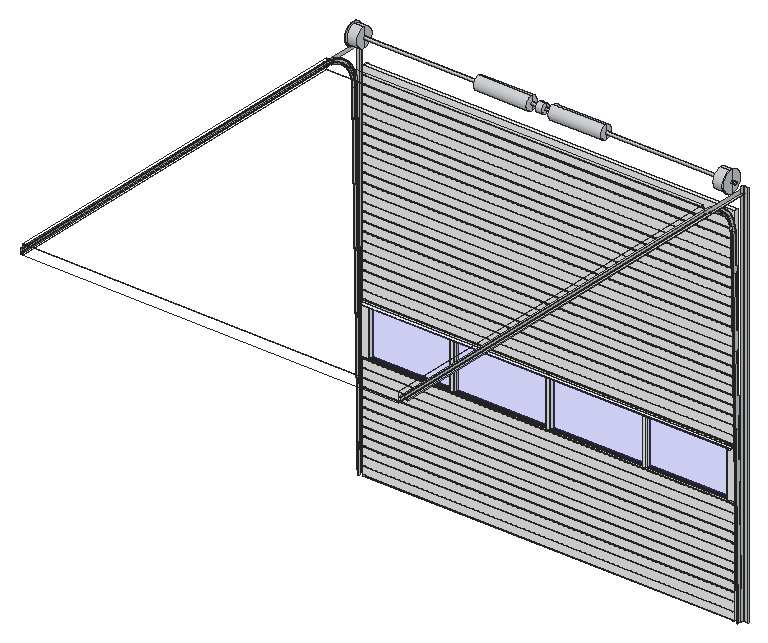
Revit family
Parameters (values of type "By Type")
  Windload = "Doors available rated for various design pressures; consult Clopay for avaialbility and specifications"
  VisSection6 = NumSections = 6  # no
  VisSection5 = NumSections > 4  # yes
  VisSection4 = NumSections > 3  # yes
  VisSection3 = NumSections > 2  # yes
  VisArray = NumSections > 6  # yes
  URL = "www.clopaydoor.com"
  Track Type = Track - Standard Lift : 15" Radius
  Track = "Galvanized steel (gauge varies according to door size)"
  Thickness = 0' - 2"  # constant formula
  Spec Wizard = "http://www.arcat.com/specwizard/08360clo/index.htm"
  Section Height = Height / NumSections  # 2' - 0"
  Section 5 Glazing = Section : Solid
  Section 4 Glazing = Section : Solid
  Section 3 Glazing = Full Vision Section : Intermediate
  Sales Information = "http://www.clopaydoor.com/where-to-buy.aspx?type=dealer"
  Rough Width = 0' - 0"  # constant formula
  Rough Height = 0' - 0"  # constant formula
  Roof Pitch = 0
  R-Value = "17.2"
  Product Features and Benefits = "http://www.clopaydoor.com/insulated-polyurethane-applications.aspx"
  Overlapping Jamb = yes
  Overlap = if(Overlapping Jamb, 0' 1", 0' 0")  # 0' - 1"
  Opening Width = 14' - 0"
  Opening Height = 14' - 0"
  Opener - Jackshaft Right Side = no
  Opener - Trolley = no
  Opener - Jackshaft Left Side = no
  Omniclass Table = "23-30 10 17 37 "
  NumSectionsNotRounded = Height / 2' 0"  # 7
  NumSections = NumSectionsNotRounded + 0.4999  # 7
  NumArraySections = if(NumSections > 6, NumSections - 5, 2)  # 2
  Model = "3722"
  Maximum Size = "Maximum 32' 2'' wide by 26' 0'' high. Additional limitations may apply do to door weight. Consult Clopay for specificiations and shop drawings."  # constant formula
  Manufacturer Website = "http://www.clopaydoor.com"
  Manufacturer Phone Number = "1-800-526-4301"
  Manufacturer Address = "1400 W. Market St., Troy, OH 45373"
  Manufacturer = "Clopay Building Products Company"
  LEED = "http://products.construction.com/swts_content_files/151607/303186.pdf"
  Keynote = "08 36 13"
  Interior Steel = "28 ga. galvanized, primed, and finish painted"
  High Lift = 4' - 0"
  Hardware = "14 ga. min. steel hinges; 10-ball steel rollers"
  GreenFormat = "http://www.greenformat.com/products/1536-Polyurethane%20Insulated%20Doors.rtf"
  Function = (empty or 0)
  Height = Opening Height + Rough Width * 0  # 14' - 0"
  Wall Closure = (empty or 0)
  Width = Opening Width + Rough Width * 0  # 14' - 0"
  FloorToSection7 = 6 * Section Height  # 12' - 0"
  FloorToSection6 = 5 * Section Height  # 10' - 0"
  FloorToSection5 = 4 * Section Height  # 8' - 0"
  FloorToSection4 = 3 * Section Height  # 6' - 0"
  FloorToSection3 = 2 * Section Height  # 4' - 0"
  FloorToSection2 = Section Height  # 2' - 0"
  File Revision = "02 (August, 2012)"
  Exterior Steel = "20 ga. galvanized, primed, and finish painted"
  Double Torsion Shaft = no
  Double End Stiles = Door Width > 14' 2"  # no
  Door Width = Opening Width + Overlap * 2  # 14' - 2"
  Door Height = Opening Height + Rough Width * 0  # 14' - 0"
  Description = "2'' thick polyurethane insulated, stucco embossed 20 gauge steel flush exterior."
  Core Material = "Expanded polyurethane"
  Copyright = "2010, Clopay Building Products Company, Inc."
  Color = White
  CAD and Specifications = "http://www.clopaydoor.com/insulated-polyurethane-specs.aspx"
  Assembly Code = "B2030410"
Reference planes (in)
  plane 1 "Center (Front/Back)": y = 0
  plane 2 "Center (Left/Right)": x = 0
  plane 3 "Left": x = -84
  plane 4 "Right": x = 84
  plane 5 "Top": z = 168
  plane 6 "Exterior": y = 3
  plane 7 "Interior": y = -3
  plane 8: z = 120
  plane 9: z = 144
Lines and regions (in)
  Opening 1
    outline origin (-90, -3, 0) x (1, 0, 0) y (0, 0, 1)
      loop
        line (6, 0) -> (174, 0) -> (174, 168) -> (6, 168) -> (6, 0)
Text (in)
  text "Exterior" at (-74.96733, 27.31104, 0), in view "Ref. Level"
  text "Interior" at (-74.96733, -25.14366, 0), in view "Ref. Level"
  text "Exterior" at (0, 40.15149, 123.01588), in view "Right"
  text "Interior" at (0, -64.39139, 123.01588), in view "Right"
  text "Interior" at (0, -31.01599, 123.00693), in view "Left"
  text "Exterior" at (0, 54.57065, 123.00693), in view "Left"
Dimensions and locks (in)
  equal spacing: plane 3 "Left", plane 2 "Center (Left/Right)", plane 4 "Right"
  "Height": level to plane 5 "Top"
  "Width": plane 3 "Left" to plane 4 "Right"
  host wall to plane 5 "Top" = 14' - 0"
  nested 1 to plane 7 "Interior" = 0' - 0 1/2"
  "FloorToSection6": plane 8 to level
  "FloorToSection7": plane 9 to level
  group 1 to group 2 = 0' - 0"  (x2)
  group 1 to group 2 = 2' - 0"
  host wall to host wall = 67' - 6"
  aligned and locked: plane 3 "Left" to Opening 1 sketch curve
  aligned and locked: plane 5 "Top" to Opening 1 sketch curve
  aligned and locked: Opening 1 sketch curve to plane 5 "Top"
  aligned and locked: Opening 1 sketch curve to plane 4 "Right"
  aligned and locked: Opening 1 sketch curve to level
  aligned and locked: plane 6 "Exterior" to host wall
  aligned and locked: host wall to plane 7 "Interior"
  aligned and locked: plane 2 "Center (Left/Right)" to nested 2
  aligned and locked: plane 2 "Center (Left/Right)" to nested 3
  aligned and locked: plane 2 "Center (Left/Right)" to nested 4
  aligned and locked: plane 2 "Center (Left/Right)" to nested 5
  aligned and locked: plane 2 "Center (Left/Right)" to nested 7
  aligned and locked: nested 7 to plane 8
  aligned and locked: nested 8 to plane 9
  aligned and locked: plane 7 "Interior" to nested 2
  aligned and locked: plane 7 "Interior" to nested 7
  aligned and locked: host wall to nested 8
  aligned and locked: plane 7 "Interior" to nested 3
  aligned and locked: host wall to nested 3
  aligned and locked: plane 7 "Interior" to nested 1
  aligned and locked: nested 2 to host wall
  aligned and locked: plane 7 "Interior" to nested 6
  aligned and locked: plane 7 "Interior" to nested 5
  aligned and locked: host wall to nested 7
  aligned and locked: plane 7 "Interior" to nested 4
  aligned and locked: nested 11 to plane 2 "Center (Left/Right)"
Nested families (in)
  nested 1: "Section" at (0, 0, 0), type "Solid"
  nested 2: "Section" at (0, 0, 24), built-in parameter 1001364 <- "Section Height", type "Solid"
  nested 3: "Full Vision Section" at (0, 0, 48), type <- "Section 3 Glazing", built-in parameter 1001364 <- "FloorToSection3", visible <- "VisSection3", type "Intermediate"
    with SingleStileVis no, Rail Width 14' - 1 13/16", NumIntStiles 3, Half Rail Width 7' - 0 29/32", Half Door Width 7' - 1", Glass Width 14' - 0 13/16", Edge to 1st Int Stile 3' - 5", Door Width 14' - 2", ArrayStileVis yes, ArrayIntStiles 3
  nested 4: "Section" at (0, 0, 120), built-in parameter 1001364 <- "FloorToSection6", visible <- "VisSection6", type "Solid"
  nested 5: "Section" at (0, 0, 96), built-in parameter 1001364 <- "FloorToSection5", type <- "Section 5 Glazing", visible <- "VisSection5", type "Solid"
  nested 6: "Section" at (0, 0, 72), type <- "Section 4 Glazing", built-in parameter 1001364 <- "FloorToSection4", visible <- "VisSection4", type "Solid"
  nested 7: "Section" at (0, 0, 120), visible <- "VisArray", type "Solid"
  nested 8: "Section" at (0, 0, 144), visible <- "VisArray", type "Solid"
  nested 9: "Section" at (0, 4.67704, 636.93806), type "Windows - 24x8", not visible
  nested 10: "Section" at (0, 4.63986, 609.3176), type "Windows - 24x12", not visible
  nested 11: "Track - Standard Lift" at (0, 0, 0) x (-1, 0, 0) z (0, 0, 1), type <- "Track Type", type "15" Radius"
    with WallToRadiusCenter 1' - 9.33333", VerticalAngleLength 14' - 10", Vertical Track Length 13' - 4", TrackToTrack 14' - 4", Roof Pitch Deg 0.00°, Roof Pitch 0, HorizontalAngleLength -16' - 2.33333", Horizontal Track Length 14' - 6", FloorToTrolleyRail 15' - 8", FloorToShaftCL 15' - 2", FloorToJackShaft 15' - 5", Double Torsion Shaft no, Door Width 14' - 2", Door Height 14' - 0", CenterToLHTrack 7' - 2", HorizontalTrackAngle 90.00°, CenterToRHTrack -7' - 2", CenterToJackShaft 7' - 6"
Definition of nested family "Section"
  Parameters (values of type "Windows - 24x12")
    X9 = if(if(NumArrayedWindows < NumWindows, NumArrayedWindows + 1, NumWindows) < 9, X1, X8 + WindowSpacing)  # 0' - 7 1/2"
    X8 = if(if(NumArrayedWindows < NumWindows, NumArrayedWindows + 1, NumWindows) < 8, X1, X7 + WindowSpacing)  # 0' - 7 1/2"
    X7 = if(if(NumArrayedWindows < NumWindows, NumArrayedWindows + 1, NumWindows) < 7, X1, X6 + WindowSpacing)  # 0' - 7 1/2"
    X6 = if(if(NumArrayedWindows < NumWindows, NumArrayedWindows + 1, NumWindows) < 6, X1, X5 + WindowSpacing)  # 0' - 7 1/2"
    X5 = if(if(NumArrayedWindows < NumWindows, NumArrayedWindows + 1, NumWindows) < 5, X1, X4 + WindowSpacing)  # 0' - 7 1/2"
    X4 = if(if(NumArrayedWindows < NumWindows, NumArrayedWindows + 1, NumWindows) < 4, X1, X3 + WindowSpacing)  # 11' - 7 1/2"
    X3 = if(NumWindows < 3, X1, X2 + WindowSpacing)  # 7' - 11 1/2"
    X2 = if(NumWindows < 2, ((Door Width - (NumWindows - 1) * WindowSpacing) / 2 - Cutout Width / 2), ((Door Width - (NumWindows - 1) * WindowSpacing) / 2 - Cutout Width / 2) + WindowSpacing)  # 4' - 3 1/2"
    Windows = 37xx Window Array : 24x12
    WindowVis = yes
    WindowSpacing = if(and(Door Width < 10' 0", Door Width > 9' 2"), 3' 4", 3' 8")  # 3' - 8"
    WindowCutDepth = 0' - 2"
    Section Height = 2' - 0"
    RibSpacing = Section Height / (NumRibs + 1)  # 0' - 4"
    NumWindows = if(Door Width < 9' 4", 2, if(Door Width < 13' 4", 3, if(Door Width < 16' 4", 4, if(Door Width < 20' 4", 5, if(Door Width < 24' 4", 6, if(Door Width < 26' 4", 7, if(Door Width < 31' 8", 8, 10)))))))  # 4
    NumRibs = if(Section Height < 1' 9", 3, if(Section Height < 2' 0", 4, 5))  # 5
    NumArrayedWindows = if(X2 = X1, NumWindows - 2, NumWindows)  # 4
    Half Section Height = Section Height / 2  # 1' - 0"
    Half Door Width Neg = -Half Door Width  # -7' - 1"
    Half Door Width = Door Width / 2  # 7' - 1"
    Half Cutout Height = Cutout Height / 2  # 0' - 5 1/2"
    Function = (empty or 0)
    Height = 0' - 0"
    Wall Closure = (empty or 0)
    Width = 0' - 0"
    X1 = if(or(Door Width > 31' 6", and(Door Width > 26' 2", Door Width < 28' 1"), Door Width = 24' 3", Door Width = 24' 4", and(Door Width > 20' 2", Door Width < 20' 11"), and(Door Width > 16' 2", Door Width < 17' 3")), X2, (Door Width - (NumWindows - 1) * WindowSpacing) / 2 - Cutout Width / 2)  # 0' - 7 1/2"
    Door Width = 14' - 2"
    CutoutToCutout = 1' - 0"
    Cutout Width = 1' - 11"
    Cutout Height = 0' - 11"
    Color = White
    BtmTo1stRib = RibSpacing  # 0' - 4"
    Assembly Code = ""
  Types (3): name | Windows | WindowVis | WindowCutDepth | Half Cutout Height | Cutout Height
    Windows - 24x12 | 37xx Window Array : 24x12 | yes | 0' - 2" | 0' - 5 1/2" | 0' - 11"
    Windows - 24x8 | 37xx Window Array : 24x8 | yes | 0' - 2" | 0' - 3 1/2" | 0' - 7"
    Solid | 37xx Window Array : 24x8 | no | -0' - 0 13/128" | 0' - 3 1/2" | 0' - 7"
  Reference planes (in)
    plane 1 "Center (Front/Back)": y = 0
    plane 2 "Center (Left/Right)": x = 0
    plane 3 "Exterior": y = 3
    plane 4 "Interior": y = -3
    plane 5: y = -3.5
    plane 6: x = 85
    plane 7: x = -85
    plane 8: z = 4
    plane 9: z = 8
    plane 10: z = 24
    plane 11: z = 12
    plane 12: z = 0
  Forms (in)
    Extrusion 1, solid, material "White" <- "Color"
      sketch origin (-85, -12, 83.08252) x (0, 0, 1) y (0, -1, 0)
        loop
          line (-59.08252, -8.37573) -> (-59.08252, -6.62444)
          arc (-59.08252, -6.62444) -> (-59.11897, -6.53645) -> (-59.20696, -6.5) r 0.12444
          line (-59.20696, -6.5) -> (-82.95809, -6.5)
          arc (-82.95809, -6.5) -> (-83.04608, -6.53645) -> (-83.08252, -6.62444) r 0.12444
          line (-83.08252, -6.62444) -> (-83.08252, -8.37573)
          arc (-83.08252, -8.37573) -> (-83.04612, -8.4636) -> (-82.95825, -8.5) r 0.12427
          line (-82.95825, -8.5) -> (-59.20679, -8.5)
          arc (-59.20679, -8.5) -> (-59.11892, -8.4636) -> (-59.08252, -8.37573) r 0.12427
      from 0 to 170 <- "Door Width"
    Extrusion 2, void
      sketch origin (0, -8.99984, -0.5) x (0, 1, 0) y (0, 0, -1)
        loop
          line (3.5, -4.62727) -> (3.53032, -4.58058)
          arc (3.53032, -4.58058) -> (3.53753, -4.56494) -> (3.54, -4.5479) r 0.06
          line (3.54, -4.5479) -> (3.54, -4.4521)
          arc (3.54, -4.4521) -> (3.53753, -4.43506) -> (3.53032, -4.41942) r 0.06
          line (3.53032, -4.41942) -> (3.5, -4.37273) -> (3.5, -4.62727)
      from -85 <- "Half Door Width Neg" to 170 <- "Door Width"
    Extrusion 3, void
      sketch origin (0, -8.99984, 3.5) x (0, 1, 0) y (0, 0, -1)
        loop
          line (3.5, -4.62727) -> (3.53032, -4.58058)
          arc (3.53032, -4.58058) -> (3.53753, -4.56494) -> (3.54, -4.5479) r 0.06
          line (3.54, -4.5479) -> (3.54, -4.4521)
          arc (3.54, -4.4521) -> (3.53753, -4.43506) -> (3.53032, -4.41942) r 0.06
          line (3.53032, -4.41942) -> (3.5, -4.37273) -> (3.5, -4.62727)
      from -85 <- "Half Door Width Neg" to 170 <- "Door Width"
    Extrusion 4, void
      sketch origin (0, -8.99984, 7.5) x (0, 1, 0) y (0, 0, -1)
        loop
          line (3.5, -4.62727) -> (3.53032, -4.58058)
          arc (3.53032, -4.58058) -> (3.53753, -4.56494) -> (3.54, -4.5479) r 0.06
          line (3.54, -4.5479) -> (3.54, -4.4521)
          arc (3.54, -4.4521) -> (3.53753, -4.43506) -> (3.53032, -4.41942) r 0.06
          line (3.53032, -4.41942) -> (3.5, -4.37273) -> (3.5, -4.62727)
      from -85 <- "Half Door Width Neg" to 170 <- "Door Width"
    Extrusion 5, void
      sketch origin (-98.15385, -3.5, 48) x (1, 0, 0) y (0, 0, 1)
        loop
          line (175.65385, -30.5) -> (152.65385, -30.5) -> (152.65385, -36) -> (175.65385, -36) -> (175.65385, -30.5)
      from 0 to 2 <- "WindowCutDepth"
    Extrusion 6, void
      sketch origin (-98.15385, -3.5, -24) x (1, 0, 0) y (0, 0, 1)
        loop
          line (175.65385, 30.5) -> (175.65385, 36) -> (152.65385, 36) -> (152.65385, 30.5) -> (175.65385, 30.5)
      from 0 to 2 <- "WindowCutDepth"
    Extrusion 7, void
      sketch origin (-136.15385, -3.5, 48) x (1, 0, 0) y (0, 0, 1)
        loop
          line (169.65385, -30.5) -> (146.65385, -30.5) -> (146.65385, -36) -> (169.65385, -36) -> (169.65385, -30.5)
      from 0 to 2 <- "WindowCutDepth"
    Extrusion 8, void
      sketch origin (-136.15385, -3.5, -24) x (1, 0, 0) y (0, 0, 1)
        loop
          line (169.65385, 30.5) -> (169.65385, 36) -> (146.65385, 36) -> (146.65385, 30.5) -> (169.65385, 30.5)
      from 0 to 2 <- "WindowCutDepth"
    Extrusion 9, void
      sketch origin (-171.15385, -3.5, 48) x (1, 0, 0) y (0, 0, 1)
        loop
          line (160.65385, -30.5) -> (137.65385, -30.5) -> (137.65385, -36) -> (160.65385, -36) -> (160.65385, -30.5)
      from 0 to 2 <- "WindowCutDepth"
    Extrusion 10, void
      sketch origin (-171.15385, -3.5, -24) x (1, 0, 0) y (0, 0, 1)
        loop
          line (160.65385, 30.5) -> (160.65385, 36) -> (137.65385, 36) -> (137.65385, 30.5) -> (160.65385, 30.5)
      from 0 to 2 <- "WindowCutDepth"
    Extrusion 11, void
      sketch origin (-214.15385, -3.5, 48) x (1, 0, 0) y (0, 0, 1)
        loop
          line (159.65385, -30.5) -> (136.65385, -30.5) -> (136.65385, -36) -> (159.65385, -36) -> (159.65385, -30.5)
      from 0 to 2 <- "WindowCutDepth"
    Extrusion 12, void
      sketch origin (-214.15385, -3.5, -24) x (1, 0, 0) y (0, 0, 1)
        loop
          line (159.65385, 30.5) -> (159.65385, 36) -> (136.65385, 36) -> (136.65385, 30.5) -> (159.65385, 30.5)
      from 0 to 2 <- "WindowCutDepth"
    Extrusion 13, void
      sketch origin (-256.15385, -3.5, 48) x (1, 0, 0) y (0, 0, 1)
        loop
          line (333.65385, -30.5) -> (310.65385, -30.5) -> (310.65385, -36) -> (333.65385, -36) -> (333.65385, -30.5)
      from 0 to 2 <- "WindowCutDepth"
    Extrusion 14, void
      sketch origin (-256.15385, -3.5, -24) x (1, 0, 0) y (0, 0, 1)
        loop
          line (333.65385, 30.5) -> (333.65385, 36) -> (310.65385, 36) -> (310.65385, 30.5) -> (333.65385, 30.5)
      from 0 to 2 <- "WindowCutDepth"
    Extrusion 15, void
      sketch origin (-294.15385, -3.5, 48) x (1, 0, 0) y (0, 0, 1)
        loop
          line (371.65385, -30.5) -> (348.65385, -30.5) -> (348.65385, -36) -> (371.65385, -36) -> (371.65385, -30.5)
      from 0 to 2 <- "WindowCutDepth"
    Extrusion 16, void
      sketch origin (-294.15385, -3.5, -24) x (1, 0, 0) y (0, 0, 1)
        loop
          line (371.65385, 30.5) -> (371.65385, 36) -> (348.65385, 36) -> (348.65385, 30.5) -> (371.65385, 30.5)
      from 0 to 2 <- "WindowCutDepth"
    Extrusion 17, void
      sketch origin (-331.15385, -3.5, 48) x (1, 0, 0) y (0, 0, 1)
        loop
          line (408.65385, -30.5) -> (385.65385, -30.5) -> (385.65385, -36) -> (408.65385, -36) -> (408.65385, -30.5)
      from 0 to 2 <- "WindowCutDepth"
    Extrusion 18, void
      sketch origin (-331.15385, -3.5, -24) x (1, 0, 0) y (0, 0, 1)
        loop
          line (408.65385, 30.5) -> (408.65385, 36) -> (385.65385, 36) -> (385.65385, 30.5) -> (408.65385, 30.5)
      from 0 to 2 <- "WindowCutDepth"
    Extrusion 19, void
      sketch origin (-368.15385, -3.5, 48) x (1, 0, 0) y (0, 0, 1)
        loop
          line (445.65385, -30.5) -> (422.65385, -30.5) -> (422.65385, -36) -> (445.65385, -36) -> (445.65385, -30.5)
      from 0 to 2 <- "WindowCutDepth"
    Extrusion 20, void
      sketch origin (-368.15385, -3.5, -24) x (1, 0, 0) y (0, 0, 1)
        loop
          line (445.65385, 30.5) -> (445.65385, 36) -> (422.65385, 36) -> (422.65385, 30.5) -> (445.65385, 30.5)
      from 0 to 2 <- "WindowCutDepth"
    Extrusion 21, void
      sketch origin (-407.15385, -3.5, 48) x (1, 0, 0) y (0, 0, 1)
        loop
          line (484.65385, -30.5) -> (461.65385, -30.5) -> (461.65385, -36) -> (484.65385, -36) -> (484.65385, -30.5)
      from 0 to 2 <- "WindowCutDepth"
    Extrusion 22, void
      sketch origin (-407.15385, -3.5, -24) x (1, 0, 0) y (0, 0, 1)
        loop
          line (484.65385, 30.5) -> (484.65385, 36) -> (461.65385, 36) -> (461.65385, 30.5) -> (484.65385, 30.5)
      from 0 to 2 <- "WindowCutDepth"
    Extrusion 23, void
      sketch origin (0, -8.99984, 11.5) x (0, 1, 0) y (0, 0, -1)
        loop
          line (3.5, -4.62727) -> (3.53032, -4.58058)
          arc (3.53032, -4.58058) -> (3.53753, -4.56494) -> (3.54, -4.5479) r 0.06
          line (3.54, -4.5479) -> (3.54, -4.4521)
          arc (3.54, -4.4521) -> (3.53753, -4.43506) -> (3.53032, -4.41942) r 0.06
          line (3.53032, -4.41942) -> (3.5, -4.37273) -> (3.5, -4.62727)
      from -85 <- "Half Door Width Neg" to 170 <- "Door Width"
    Extrusion 24, void
      sketch origin (0, -8.99984, 15.5) x (0, 1, 0) y (0, 0, -1)
        loop
          line (3.5, -4.62727) -> (3.53032, -4.58058)
          arc (3.53032, -4.58058) -> (3.53753, -4.56494) -> (3.54, -4.5479) r 0.06
          line (3.54, -4.5479) -> (3.54, -4.4521)
          arc (3.54, -4.4521) -> (3.53753, -4.43506) -> (3.53032, -4.41942) r 0.06
          line (3.53032, -4.41942) -> (3.5, -4.37273) -> (3.5, -4.62727)
      from -85 <- "Half Door Width Neg" to 170 <- "Door Width"
  Cuts and joins
    Extrusion 2, Extrusion 3, Extrusion 4, Extrusion 5, Extrusion 6, Extrusion 7, Extrusion 8, Extrusion 9, Extrusion 10, Extrusion 11, Extrusion 12, Extrusion 13, Extrusion 14, Extrusion 15, Extrusion 16, Extrusion 17, Extrusion 18, Extrusion 19, Extrusion 20, Extrusion 21, Extrusion 22, Extrusion 23, Extrusion 24 cuts Extrusion 1
  Lines and regions (in)
    reference lines
      curve 1: line (-72, -3.54, 4) -> (-72, -3.5, 4)
      curve 2: line (-72, -5.45984, 4) -> (-72, -5.49984, 4)
      curve 3: line (-72, -3.54, 8) -> (-72, -3.5, 8)
      curve 4: line (-72, -3.54, 12) -> (-72, -3.5, 12)
      curve 5: line (-72, -5.45984, 4) -> (-72, -5.49984, 4)
      curve 6: line (-72, -5.45984, 8) -> (-72, -5.49984, 8)
      curve 7: line (-72, -5.45984, 12) -> (-72, -5.49984, 12)
      curve 8: line (-72, -3.54, 16) -> (-72, -3.5, 16)
      curve 9: line (-72, -5.45984, 16) -> (-72, -5.49984, 16)
      curve 10: line (-72, -3.54, 20) -> (-72, -3.5, 20)
      curve 11: line (-72, -5.45984, 20) -> (-72, -5.49984, 20)
  Text (in)
    text "Exterior" at (-74.96733, 27.31104, 0), in view "Ref. Level"
    text "Interior" at (-74.96733, -25.14366, 0), in view "Ref. Level"
    text "Exterior" at (0, 40.15149, 123.01588), in view "Right"
    text "Interior" at (0, -64.39139, 123.01588), in view "Right"
    text "Interior" at (0, -31.01599, 123.00693), in view "Left"
    text "Exterior" at (0, 54.57065, 123.00693), in view "Left"
  Dimensions and locks (in)
    plane 4 "Interior" to plane 5 = 0' - 0 1/2"
    "Half Door Width": plane 2 "Center (Left/Right)" to plane 7
    "Half Door Width": plane 6 to plane 2 "Center (Left/Right)"
    Extrusion 1 sketch curve to Extrusion 1 sketch curve = 0' - 2"
    "BtmTo1stRib": plane 8 to level
    "RibSpacing": plane 9 to plane 8
    "Section Height": plane 10 to level
    equal spacing: group 1, group 2, group 3, group 4, group 5  (x3)
    Extrusion 2 sketch curve to Extrusion 2 sketch curve = 0' - 0.25454"
    Extrusion 2 sketch curve to Extrusion 2 sketch curve = 0' - 0.04"  (x2)
    Extrusion 2 sketch curve to curve 5 = 0' - 0.12727"
    Extrusion 3 sketch curve to Extrusion 3 sketch curve = 0' - 0.25454"
    Extrusion 3 sketch curve to Extrusion 3 sketch curve = 0' - 0.04"  (x2)
    Extrusion 3 sketch curve to curve 6 = 0' - 0.12727"
    Extrusion 4 sketch curve to Extrusion 4 sketch curve = 0' - 0.25454"
    Extrusion 4 sketch curve to Extrusion 4 sketch curve = 0' - 0.04"  (x2)
    Extrusion 4 sketch curve to curve 7 = 0' - 0.12727"
    "Half Section Height": level to plane 11
    "Cutout Width": Extrusion 5 sketch curve to Extrusion 5 sketch curve
    "Half Cutout Height": Extrusion 5 sketch curve to Extrusion 5 sketch curve
    "Cutout Width": Extrusion 6 sketch curve to Extrusion 6 sketch curve
    "Half Cutout Height": Extrusion 6 sketch curve to Extrusion 6 sketch curve
    "X1": cut or joined group 1 (Extrusion 1, Extrusion 2, Extrusion 3, Extrusion 4, Extrusion 5, Extrusion 6, Extrusion 7, Extrusion 8, Extrusion 9, Extrusion 10, Extrusion 11, Extrusion 12, Extrusion 13, Extrusion 14, Extrusion 15, Extrusion 16, Extrusion 17, Extrusion 18, Extrusion 19, Extrusion 20, Extrusion 21, Extrusion 22, Extrusion 23, Extrusion 24) to cut or joined group 1
    "Cutout Width": Extrusion 7 sketch curve to Extrusion 7 sketch curve
    "Half Cutout Height": Extrusion 7 sketch curve to Extrusion 7 sketch curve
    "Cutout Width": Extrusion 8 sketch curve to Extrusion 8 sketch curve
    "Half Cutout Height": Extrusion 8 sketch curve to Extrusion 8 sketch curve
    "Cutout Width": Extrusion 9 sketch curve to Extrusion 9 sketch curve
    "Half Cutout Height": Extrusion 9 sketch curve to Extrusion 9 sketch curve
    "Cutout Width": Extrusion 10 sketch curve to Extrusion 10 sketch curve
    "Half Cutout Height": Extrusion 10 sketch curve to Extrusion 10 sketch curve
    "X2": plane 6 to cut or joined group 1
    "X3": plane 6 to cut or joined group 1
    "Cutout Width": Extrusion 11 sketch curve to Extrusion 11 sketch curve
    "Half Cutout Height": Extrusion 11 sketch curve to Extrusion 11 sketch curve
    "Cutout Width": Extrusion 12 sketch curve to Extrusion 12 sketch curve
    "Half Cutout Height": Extrusion 12 sketch curve to Extrusion 12 sketch curve
    "Cutout Width": Extrusion 13 sketch curve to Extrusion 13 sketch curve
    "Half Cutout Height": Extrusion 13 sketch curve to Extrusion 13 sketch curve
    "Cutout Width": Extrusion 14 sketch curve to Extrusion 14 sketch curve
    "Half Cutout Height": Extrusion 14 sketch curve to Extrusion 14 sketch curve
    "Cutout Width": Extrusion 15 sketch curve to Extrusion 15 sketch curve
    "Half Cutout Height": Extrusion 15 sketch curve to Extrusion 15 sketch curve
    "Cutout Width": Extrusion 16 sketch curve to Extrusion 16 sketch curve
    "Half Cutout Height": Extrusion 16 sketch curve to Extrusion 16 sketch curve
    "Cutout Width": Extrusion 17 sketch curve to Extrusion 17 sketch curve
    "Half Cutout Height": Extrusion 17 sketch curve to Extrusion 17 sketch curve
    "Cutout Width": Extrusion 18 sketch curve to Extrusion 18 sketch curve
    "Half Cutout Height": Extrusion 18 sketch curve to Extrusion 18 sketch curve
    "Cutout Width": Extrusion 19 sketch curve to Extrusion 19 sketch curve
    "Half Cutout Height": Extrusion 19 sketch curve to Extrusion 19 sketch curve
    "Cutout Width": Extrusion 20 sketch curve to Extrusion 20 sketch curve
    "Half Cutout Height": Extrusion 20 sketch curve to Extrusion 20 sketch curve
    "Cutout Width": Extrusion 21 sketch curve to Extrusion 21 sketch curve
    "Half Cutout Height": Extrusion 21 sketch curve to Extrusion 21 sketch curve
    "Cutout Width": Extrusion 22 sketch curve to Extrusion 22 sketch curve
    "Half Cutout Height": Extrusion 22 sketch curve to Extrusion 22 sketch curve
    "X4": plane 6 to cut or joined group 1
    "X5": plane 6 to cut or joined group 1
    "X6": plane 6 to cut or joined group 1
    "X7": plane 6 to cut or joined group 1
    "X8": plane 6 to cut or joined group 1
    "X9": plane 6 to cut or joined group 1
    locked: nested 1 to cut or joined group 1 at 1  (x2)
    locked: nested 1 to cut or joined group 1 at 0.125
    Extrusion 23 sketch curve to Extrusion 23 sketch curve = 0' - 0.25454"
    Extrusion 23 sketch curve to Extrusion 23 sketch curve = 0' - 0.04"  (x2)
    Extrusion 23 sketch curve to curve 9 = 0' - 0.12727"
    Extrusion 24 sketch curve to Extrusion 24 sketch curve = 0' - 0.25454"
    Extrusion 24 sketch curve to Extrusion 24 sketch curve = 0' - 0.04"  (x2)
    Extrusion 24 sketch curve to curve 11 = 0' - 0.12727"
    locked: plane 4 "Interior" to cut or joined group 1 at 0.5
    radius of Extrusion 1 sketch curve = 0' - 0.12427"  (x2)
    radius of Extrusion 1 sketch curve = 0' - 0.12444"  (x2)
    angle Extrusion 2 sketch curve to Extrusion 2 sketch curve = 147.00°  (x2)
    angle Extrusion 3 sketch curve to Extrusion 3 sketch curve = 147.00°  (x2)
    angle Extrusion 4 sketch curve to Extrusion 4 sketch curve = 147.00°  (x2)
    angle Extrusion 23 sketch curve to Extrusion 23 sketch curve = 147.00°  (x2)
    angle Extrusion 24 sketch curve to Extrusion 24 sketch curve = 147.00°  (x2)
    aligned and locked: Extrusion 1 sketch curve to plane 5
    aligned and locked: plane 8 to curve 1
    aligned and locked: plane 9 to curve 3
    aligned and locked: Extrusion 5 sketch curve to plane 11
    aligned and locked: plane 11 to Extrusion 6 sketch curve
    aligned and locked: cut or joined group 1 to cut or joined group 1  (x9)
    aligned and locked: plane 12 to level
  Automatic sketch dimensions
    curve 2 to curve 1 = 0' - 1.91984"
    curve 1 to curve 1 = 0' - 0.04"  (x2)
    curve 1 to curve 2 = 0' - 1.91984"
    curve 2 to curve 2 = 0' - 0.04"  (x2)
    curve 5 to curve 1 = 0' - 0"
    curve 1 to curve 5 = 0' - 1.91984"
    curve 5 to curve 5 = 0' - 0.04"
    Extrusion 2 sketch curve to Extrusion 2 sketch curve = 0' - 0"
    Extrusion 2 sketch curve to Extrusion 2 sketch curve = 0' - 0.02"
    Extrusion 2 sketch curve to Extrusion 2 sketch curve = 0' - 0.00968"  (x2)
    curve 6 to curve 3 = 0' - 0"
    curve 3 to curve 3 = 0' - 0.04"
    curve 3 to curve 6 = 0' - 1.91984"
    curve 6 to curve 6 = 0' - 0.04"
    curve 7 to curve 4 = 0' - 0"
    curve 4 to curve 4 = 0' - 0.04"
    curve 4 to curve 7 = 0' - 1.91984"
    curve 7 to curve 7 = 0' - 0.04"
    Extrusion 4 sketch curve to Extrusion 4 sketch curve = 0' - 0.00968"
    Extrusion 3 sketch curve to Extrusion 3 sketch curve = 0' - 0.00968"
    curve 2 to plane 8 = 0' - 0"
    curve 2 to plane 5 = 0' - 1.95984"
    Extrusion 5 sketch curve to plane 6 = 2' - 6 1/2"
    Extrusion 6 sketch curve to plane 6 = 2' - 6 1/2"
    Extrusion 7 sketch curve to plane 11 = 0' - 0"
    Extrusion 7 sketch curve to plane 6 = 6' - 2 1/2"
    Extrusion 8 sketch curve to plane 11 = 0' - 0"
    Extrusion 8 sketch curve to plane 6 = 6' - 2 1/2"
    Extrusion 9 sketch curve to plane 11 = 0' - 0"
    Extrusion 9 sketch curve to plane 6 = 9' - 10 1/2"
    Extrusion 10 sketch curve to plane 11 = 0' - 0"
    Extrusion 10 sketch curve to plane 6 = 9' - 10 1/2"
    Extrusion 11 sketch curve to plane 11 = 0' - 0"
    Extrusion 11 sketch curve to plane 2 "Center (Left/Right)" = 6' - 5 1/2"
    Extrusion 12 sketch curve to plane 11 = 0' - 0"
    Extrusion 12 sketch curve to plane 2 "Center (Left/Right)" = 6' - 5 1/2"
    Extrusion 13 sketch curve to plane 11 = 0' - 0"
    plane 2 "Center (Left/Right)" to Extrusion 13 sketch curve = 4' - 6 1/2"
    Extrusion 14 sketch curve to plane 11 = 0' - 0"
    plane 2 "Center (Left/Right)" to Extrusion 14 sketch curve = 4' - 6 1/2"
    Extrusion 15 sketch curve to plane 11 = 0' - 0"
    plane 2 "Center (Left/Right)" to Extrusion 15 sketch curve = 4' - 6 1/2"
    Extrusion 16 sketch curve to plane 11 = 0' - 0"
    plane 2 "Center (Left/Right)" to Extrusion 16 sketch curve = 4' - 6 1/2"
    Extrusion 17 sketch curve to plane 11 = 0' - 0"
    plane 2 "Center (Left/Right)" to Extrusion 17 sketch curve = 4' - 6 1/2"
    Extrusion 18 sketch curve to plane 11 = 0' - 0"
    plane 2 "Center (Left/Right)" to Extrusion 18 sketch curve = 4' - 6 1/2"
    Extrusion 19 sketch curve to plane 11 = 0' - 0"
    plane 7 to Extrusion 19 sketch curve = 11' - 7 1/2"
    Extrusion 20 sketch curve to plane 11 = 0' - 0"
    plane 7 to Extrusion 20 sketch curve = 11' - 7 1/2"
    Extrusion 21 sketch curve to plane 11 = 0' - 0"
    plane 7 to Extrusion 21 sketch curve = 11' - 7 1/2"
    Extrusion 22 sketch curve to plane 11 = 0' - 0"
    plane 7 to Extrusion 22 sketch curve = 11' - 7 1/2"
    Extrusion 1 sketch curve to plane 10 = 0' - 0"
    Extrusion 1 sketch curve to level = 0' - 0"
    curve 9 to curve 8 = 0' - 0"
    curve 8 to curve 8 = 0' - 0.04"
    curve 8 to curve 9 = 0' - 1.91984"
    curve 9 to curve 9 = 0' - 0.04"
    Extrusion 23 sketch curve to Extrusion 23 sketch curve = 0' - 0"
    Extrusion 23 sketch curve to Extrusion 23 sketch curve = 0' - 0.02"
    Extrusion 23 sketch curve to Extrusion 23 sketch curve = 0' - 0.00968"  (x2)
    curve 11 to curve 10 = 0' - 0"
    curve 10 to curve 10 = 0' - 0.04"
    curve 10 to curve 11 = 0' - 1.91984"
    curve 11 to curve 11 = 0' - 0.04"
    Extrusion 24 sketch curve to Extrusion 24 sketch curve = 0' - 0"
    Extrusion 24 sketch curve to Extrusion 24 sketch curve = 0' - 0.02"
    Extrusion 24 sketch curve to Extrusion 24 sketch curve = 0' - 0.00968"  (x2)
  Nested families (in)
    nested 1: "37xx Window Array" at (66, -3.375, 7.5) x (-1, 0, 0) z (0, 0, 1), type <- "Windows", visible <- "WindowVis", type "24x12"
      with NumWindows 4
  Definition of nested family "37xx Window Array"
    Parameters (values of type "24x8")
      Window Spacing = 3' - 8"
      NumWindows = 3
      Frame Width = 2' - 1"
      Frame Height = 0' - 9"
      Color = White
      Assembly Code = ""
    Types (2): name | Frame Height | Color
      24x8 | 0' - 9" | White
      24x12 | 1' - 1" | none
    Reference planes (in)
      plane 1 "Center (Front/Back)": y = 0
      plane 2: z = 0
      plane 3 "Center (Left/Right)": x = 0
      plane 4: y = -1
    Forms (in)
      Extrusion 1, solid, material "White" <- "Color"
        sketch origin (-1.38592, 0, 0) x (1, 0, 0) y (0, 0, 1)
          loop
            line (-8.86408, 1.625) -> (11.63592, 1.625)
            arc (11.63592, 1.625) -> (12.07786, 1.80806) -> (12.26092, 2.25) r 0.625
            line (12.26092, 2.25) -> (12.26092, 6.75)
            arc (12.26092, 6.75) -> (12.07786, 7.19194) -> (11.63592, 7.375) r 0.625
            line (11.63592, 7.375) -> (-8.86408, 7.375)
            arc (-8.86408, 7.375) -> (-9.30602, 7.19194) -> (-9.48908, 6.75) r 0.625
            line (-9.48908, 6.75) -> (-9.48908, 2.25)
            arc (-9.48908, 2.25) -> (-9.30602, 1.80806) -> (-8.86408, 1.625) r 0.625
          loop
            line (-10.48908, 0) -> (13.26092, 0)
            arc (13.26092, 0) -> (13.70286, 0.18306) -> (13.88592, 0.625) r 0.625
            line (13.88592, 0.625) -> (13.88592, 8.375)
            arc (13.88592, 8.375) -> (13.70286, 8.81694) -> (13.26092, 9) r 0.625
            line (13.26092, 9) -> (-10.48908, 9)
            arc (-10.48908, 9) -> (-10.93102, 8.81694) -> (-11.11408, 8.375) r 0.625
            line (-11.11408, 8.375) -> (-11.11408, 0.625)
            arc (-11.11408, 0.625) -> (-10.93102, 0.18306) -> (-10.48908, 0) r 0.625
        from 0 to 2.25
      Extrusion 2, solid, material "Glass"
        sketch origin (0, -1, 15.9844) x (0, 0, 1) y (-1, 0, 0)
          loop
            arc (-8.6094, 10.25) -> (-8.79246, 10.69194) -> (-9.2344, 10.875) r 0.625
            line (-9.2344, 10.875) -> (-13.7344, 10.875)
            arc (-13.7344, 10.875) -> (-14.17634, 10.69194) -> (-14.3594, 10.25) r 0.625
            line (-14.3594, 10.25) -> (-14.3594, -10.25)
            arc (-14.3594, -10.25) -> (-14.17634, -10.69194) -> (-13.7344, -10.875) r 0.625
            line (-13.7344, -10.875) -> (-9.2344, -10.875)
            arc (-9.2344, -10.875) -> (-8.79246, -10.69194) -> (-8.6094, -10.25) r 0.625
            line (-8.6094, -10.25) -> (-8.6094, 10.25)
        from 0 to 0.25
      Extrusion 3, solid, material "White" <- "Color"
        sketch origin (42.61408, 0, 0) x (1, 0, 0) y (0, 0, 1)
          loop
            line (-8.86408, 1.625) -> (11.63592, 1.625)
            arc (11.63592, 1.625) -> (12.07786, 1.80806) -> (12.26092, 2.25) r 0.625
            line (12.26092, 2.25) -> (12.26092, 6.75)
            arc (12.26092, 6.75) -> (12.07786, 7.19194) -> (11.63592, 7.375) r 0.625
            line (11.63592, 7.375) -> (-8.86408, 7.375)
            arc (-8.86408, 7.375) -> (-9.30602, 7.19194) -> (-9.48908, 6.75) r 0.625
            line (-9.48908, 6.75) -> (-9.48908, 2.25)
            arc (-9.48908, 2.25) -> (-9.30602, 1.80806) -> (-8.86408, 1.625) r 0.625
          loop
            line (-10.48908, 0) -> (13.26092, 0)
            arc (13.26092, 0) -> (13.70286, 0.18306) -> (13.88592, 0.625) r 0.625
            line (13.88592, 0.625) -> (13.88592, 8.375)
            arc (13.88592, 8.375) -> (13.70286, 8.81694) -> (13.26092, 9) r 0.625
            line (13.26092, 9) -> (-10.48908, 9)
            arc (-10.48908, 9) -> (-10.93102, 8.81694) -> (-11.11408, 8.375) r 0.625
            line (-11.11408, 8.375) -> (-11.11408, 0.625)
            arc (-11.11408, 0.625) -> (-10.93102, 0.18306) -> (-10.48908, 0) r 0.625
        from 0 to 2.25
      Extrusion 4, solid, material "Glass"
        sketch origin (44, -1, 15.9844) x (0, 0, 1) y (-1, 0, 0)
          loop
            arc (-8.6094, 10.25) -> (-8.79246, 10.69194) -> (-9.2344, 10.875) r 0.625
            line (-9.2344, 10.875) -> (-13.7344, 10.875)
            arc (-13.7344, 10.875) -> (-14.17634, 10.69194) -> (-14.3594, 10.25) r 0.625
            line (-14.3594, 10.25) -> (-14.3594, -10.25)
            arc (-14.3594, -10.25) -> (-14.17634, -10.69194) -> (-13.7344, -10.875) r 0.625
            line (-13.7344, -10.875) -> (-9.2344, -10.875)
            arc (-9.2344, -10.875) -> (-8.79246, -10.69194) -> (-8.6094, -10.25) r 0.625
            line (-8.6094, -10.25) -> (-8.6094, 10.25)
        from 0 to 0.25
      Extrusion 5, solid, material "White" <- "Color"
        sketch origin (86.61408, 0, 0) x (1, 0, 0) y (0, 0, 1)
          loop
            line (-8.86408, 1.625) -> (11.63592, 1.625)
            arc (11.63592, 1.625) -> (12.07786, 1.80806) -> (12.26092, 2.25) r 0.625
            line (12.26092, 2.25) -> (12.26092, 6.75)
            arc (12.26092, 6.75) -> (12.07786, 7.19194) -> (11.63592, 7.375) r 0.625
            line (11.63592, 7.375) -> (-8.86408, 7.375)
            arc (-8.86408, 7.375) -> (-9.30602, 7.19194) -> (-9.48908, 6.75) r 0.625
            line (-9.48908, 6.75) -> (-9.48908, 2.25)
            arc (-9.48908, 2.25) -> (-9.30602, 1.80806) -> (-8.86408, 1.625) r 0.625
          loop
            line (-10.48908, 0) -> (13.26092, 0)
            arc (13.26092, 0) -> (13.70286, 0.18306) -> (13.88592, 0.625) r 0.625
            line (13.88592, 0.625) -> (13.88592, 8.375)
            arc (13.88592, 8.375) -> (13.70286, 8.81694) -> (13.26092, 9) r 0.625
            line (13.26092, 9) -> (-10.48908, 9)
            arc (-10.48908, 9) -> (-10.93102, 8.81694) -> (-11.11408, 8.375) r 0.625
            line (-11.11408, 8.375) -> (-11.11408, 0.625)
            arc (-11.11408, 0.625) -> (-10.93102, 0.18306) -> (-10.48908, 0) r 0.625
        from 0 to 2.25
      Extrusion 6, solid, material "Glass"
        sketch origin (88, -1, 15.9844) x (0, 0, 1) y (-1, 0, 0)
          loop
            arc (-8.6094, 10.25) -> (-8.79246, 10.69194) -> (-9.2344, 10.875) r 0.625
            line (-9.2344, 10.875) -> (-13.7344, 10.875)
            arc (-13.7344, 10.875) -> (-14.17634, 10.69194) -> (-14.3594, 10.25) r 0.625
            line (-14.3594, 10.25) -> (-14.3594, -10.25)
            arc (-14.3594, -10.25) -> (-14.17634, -10.69194) -> (-13.7344, -10.875) r 0.625
            line (-13.7344, -10.875) -> (-9.2344, -10.875)
            arc (-9.2344, -10.875) -> (-8.79246, -10.69194) -> (-8.6094, -10.25) r 0.625
            line (-8.6094, -10.25) -> (-8.6094, 10.25)
        from 0 to 0.25
    Dimensions and locks (in)
      locked: Extrusion 1 sketch curve to Extrusion 1 sketch curve at 1.625  (x4)
      "Frame Height": Extrusion 1 sketch curve to Extrusion 1 sketch curve
      "Frame Width": Extrusion 1 sketch curve to Extrusion 1 sketch curve
      Extrusion 1 to plane 4 = 0' - 1"
      Extrusion 1 to plane 3 "Center (Left/Right)" = 1' - 0 1/2"
      locked: Extrusion 3 sketch curve to Extrusion 3 sketch curve at 1.625  (x4)
      "Frame Height": Extrusion 3 sketch curve to Extrusion 3 sketch curve
      "Frame Width": Extrusion 3 sketch curve to Extrusion 3 sketch curve
      equal spacing: group 1, group 2, group 3  (x3)
      locked: Extrusion 5 sketch curve to Extrusion 5 sketch curve at 1.625  (x4)
      "Frame Height": Extrusion 5 sketch curve to Extrusion 5 sketch curve
      "Frame Width": Extrusion 5 sketch curve to Extrusion 5 sketch curve
      "Window Spacing": Extrusion 1 to Extrusion 3
      radius of Extrusion 1 sketch curve = 0' - 0 5/8"  (x8)
      radius of Extrusion 3 sketch curve = 0' - 0 5/8"  (x8)
      radius of Extrusion 5 sketch curve = 0' - 0 5/8"  (x8)
      aligned and locked: plane 2 to level
      aligned and locked: Extrusion 2 sketch curve to Extrusion 1  (x4)
      aligned and locked: Extrusion 4 sketch curve to Extrusion 3  (x4)
      aligned and locked: Extrusion 6 sketch curve to Extrusion 5  (x4)
Definition of nested family "Full Vision Section"
  Parameters (values of type "Intermediate")
    Top Rail Face = if(Section Type = 3, 0' 3", 0' 0 27/32")  # 0' - 0 27/32"
    Stile Height = if(or(Section Type = 1, Section Type = 3), Section Height - 0' 3 27/32", Section Height - 0' 0 27/32" * 2)  # 1' - 10 5/16"
    SingleStileVis = and(NumIntStiles < 2, NumIntStiles > 0)  # yes
    Section Type = 2
    Section Height = 2' - 0"
    Rail Width = Door Width - 0' 0 3/16"  # 8' - 1 13/16"
    Panel Material = Glass
    NumIntStiles = if(Door Width < 4' 9", 0, if(Door Width < 9' 3", 1, if(Door Width < 13' 3", 2, if(Door Width < 16' 3", 3, if(Door Width < 20' 3", 4, 5)))))  # 1
    IntStileCtrCtr = 3' - 8"
    Half Rail Width = Rail Width / 2  # 4' - 0 29/32"
    Half Door Width = Door Width / 2  # 4' - 1"
    Glass Width = Rail Width - 0' 1"  # 8' - 0 13/16"
    Function = (empty or 0)
    Height = 0' - 0"
    Wall Closure = (empty or 0)
    Width = 0' - 0"
    Frame Material = White
    Fin Visibility = or(Section Type = 1, Section Type = 2)  # yes
    End Stile Face = if(Double End Stiles, 0' 6", 0' 3")  # 0' - 3"
    Edge to 1st Int Stile = (Door Width - (NumIntStiles - 1) * 3' 8") / 2  # 4' - 1"
    Double End Stiles = no
    Door Width = 8' - 2"
    Bottom Rail Face = if(Section Type = 1, 0' 3", 0' 0 27/32")  # 0' - 0 27/32"
    Assembly Code = ""
    ArrayStileVis = NumIntStiles > 1  # no
    ArrayIntStiles = if(NumIntStiles < 2, 2, NumIntStiles)  # 2
  Reference planes (in)
    plane 1 "Center (Front/Back)": y = 0
    plane 2 "Center (Left/Right)": x = 0
    plane 3 "Exterior": y = 3
    plane 4 "Interior": y = -3
    plane 5: y = -3.5
    plane 6: x = 49
    plane 7: x = 48.90625
    plane 8: x = -48.90625
    plane 9: x = -49
    plane 10: x = 0
    plane 11: x = 0
  Forms (in)
    Extrusion 1, solid, material "White" <- "Frame Material"
      sketch origin (-48.90625, -12, 83.08252) x (0, 0, 1) y (0, -1, 0)
        loop
          arc (-83.08252, -8.37483) -> (-83.04586, -8.46334) -> (-82.95735, -8.5) r 0.12517
          line (-82.95735, -8.5) -> (-82.23877, -8.5) -> (-82.23877, -8.37402) -> (-82.1155, -8.37402) -> (-81.7405, -7.99902) -> (-81.7405, -7.81152) -> (-82.23877, -7.81152) -> (-82.23877, -7.56152) -> (-81.7405, -7.56152) -> (-81.7405, -6.56152) -> (-82.23877, -6.56152) -> (-82.23877, -6.37582) -> (-82.95588, -6.37582)
          arc (-82.95588, -6.37582) -> (-83.04543, -6.41291) -> (-83.08252, -6.50246) r 0.12664
          line (-83.08252, -6.50246) -> (-83.08252, -8.37483)
      from 0 to 97.8125 <- "Rail Width"
    Extrusion 2, solid, material "White" <- "Frame Material"
      sketch origin (-48.90625, -12, 83.08252) x (0, 0, 1) y (0, -1, 0)
        loop
          line (-59.08252, -8.37573) -> (-59.08252, -6.50025)
          arc (-59.08252, -6.50025) -> (-59.11897, -6.41226) -> (-59.20696, -6.37582) r 0.12444
          line (-59.20696, -6.37582) -> (-59.92627, -6.37582) -> (-59.92627, -6.56152) -> (-60.42627, -6.56152) -> (-60.42627, -7.56152) -> (-59.92627, -7.56152) -> (-59.92627, -7.81152) -> (-60.42627, -7.81152) -> (-60.42627, -7.99854) -> (-60.05079, -8.37402) -> (-59.92627, -8.37402) -> (-59.92627, -8.5) -> (-59.20679, -8.5)
          arc (-59.20679, -8.5) -> (-59.11892, -8.4636) -> (-59.08252, -8.37573) r 0.12427
      from 0 to 97.8125 <- "Rail Width"
    Extrusion 3, solid, material "Glass" <- "Panel Material"
      sketch origin (-48.90625, -12, 83.08252) x (0, 0, 1) y (0, -1, 0)
        loop
          line (-59.92627, -7.81152) -> (-59.92627, -7.56152) -> (-82.23877, -7.56152) -> (-82.23877, -7.81152) -> (-59.92627, -7.81152)
      from 1 to 96.8125 <- "Glass Width"
    Extrusion 4, solid, material "White" <- "Frame Material"
      sketch origin (-48.90625, -5.43848, 23.15625) x (-1, 0, 0) y (0, 1, 0)
        loop
          line (0.09375, 1.93848) -> (-2.90625, 1.93848) -> (-2.90625, 1.8125) -> (-3.02952, 1.8125) -> (-3.40452, 1.4375) -> (-3.40452, 1.25) -> (-2.90625, 1.25) -> (-2.90625, 1) -> (-3.40452, 1) -> (-3.40452, 0) -> (-2.90625, 0) -> (-2.90625, -0.18571) -> (0.09375, -0.18571) -> (0.09375, 1.93848)
      from 0 to 22.3125 <- "Stile Height"
    Extrusion 5, solid, material "White" <- "Frame Material"
      sketch origin (-48.90625, -3.5, 23.15625) x (-1, 0, 0) y (0, 1, 0)
        loop
          line (-97.90625, 0) -> (-97.90625, -2.12418) -> (-94.90625, -2.12418) -> (-94.90625, -1.93848) -> (-94.40798, -1.93848) -> (-94.40798, -0.93848) -> (-94.90625, -0.93848) -> (-94.90625, -0.68848) -> (-94.40798, -0.68848) -> (-94.40798, -0.50098) -> (-94.78298, -0.12598) -> (-94.90625, -0.12598) -> (-94.90625, 0) -> (-97.90625, 0)
      from 0 to 22.3125 <- "Stile Height"
    Extrusion 6, solid, material "White" <- "Frame Material", visible <- "Fin Visibility"
      sketch origin (-48.90625, -12, 83.08252) x (0, 0, 1) y (0, -1, 0)
        loop
          line (-59.92627, -6.37582) -> (-59.8329, -6.37582) -> (-59.8329, -4.5475)
          arc (-59.8329, -4.5475) -> (-59.87958, -4.50082) -> (-59.92627, -4.5475) r 0.04669
          line (-59.92627, -4.5475) -> (-59.92627, -6.37582)
      from 0 to 97.8125 <- "Rail Width"
  Text (in)
    text "Exterior" at (-74.96733, 27.31104, 0), in view "Ref. Level"
    text "Interior" at (-74.96733, -25.14366, 0), in view "Ref. Level"
    text "Exterior" at (0, 40.15149, 123.01588), in view "Right"
    text "Interior" at (0, -64.39139, 123.01588), in view "Right"
    text "Interior" at (0, -31.01599, 123.00693), in view "Left"
    text "Exterior" at (0, 54.57065, 123.00693), in view "Left"
  Dimensions and locks (in)
    plane 4 "Interior" to plane 5 = 0' - 0 1/2"
    locked: Extrusion 1 sketch curve to Extrusion 1 sketch curve at 0.12598
    locked: Extrusion 1 sketch curve to Extrusion 1 sketch curve at 0.25
    locked: Extrusion 1 sketch curve to Extrusion 1 sketch curve at 1
    locked: Extrusion 1 sketch curve to Extrusion 1 sketch curve at 0.12327
    locked: Extrusion 1 sketch curve to Extrusion 1 sketch curve at 0.49827
    locked: Extrusion 1 sketch curve to Extrusion 1 sketch curve at 0.5625
    locked: Extrusion 1 sketch curve to Extrusion 1 sketch curve at 2.12418
    "Bottom Rail Face": Extrusion 1 sketch curve to Extrusion 1 sketch curve
    "Top Rail Face": Extrusion 2 sketch curve to Extrusion 2 sketch curve
    locked: Extrusion 2 sketch curve to Extrusion 2 sketch curve at 0.12452
    locked: Extrusion 2 sketch curve to Extrusion 2 sketch curve at 0.5
    locked: Extrusion 4 sketch curve to Extrusion 4 sketch curve at 2.12418
    "End Stile Face": Extrusion 4 sketch curve to Extrusion 4 sketch curve
    locked: Extrusion 4 sketch curve to Extrusion 4 sketch curve at 0.12598
    locked: Extrusion 4 sketch curve to Extrusion 4 sketch curve at 0.49827
    locked: Extrusion 4 sketch curve to Extrusion 4 sketch curve at 0.12327
    Extrusion 4 sketch curve to Extrusion 4 sketch curve to Extrusion 4 sketch curve = 0' - 0 9/16" locked, 0' - 0 1/4" locked
    locked: Extrusion 4 sketch curve to Extrusion 4 sketch curve at 1
    locked: Extrusion 4 sketch curve to Extrusion 4 sketch curve at 0.375
    locked: Extrusion 5 sketch curve to Extrusion 5 sketch curve at 0.12598
    locked: Extrusion 5 sketch curve to Extrusion 5 sketch curve at 0.25
    locked: Extrusion 5 sketch curve to Extrusion 5 sketch curve at 1
    locked: Extrusion 5 sketch curve to Extrusion 5 sketch curve at 0.12327
    locked: Extrusion 5 sketch curve to Extrusion 5 sketch curve at 0.49827
    locked: Extrusion 5 sketch curve to Extrusion 5 sketch curve at 0.5625
    locked: Extrusion 5 sketch curve to Extrusion 5 sketch curve at 2.12418
    "End Stile Face": Extrusion 5 sketch curve to Extrusion 5 sketch curve
    locked: Extrusion 5 sketch curve to Extrusion 5 sketch curve at 0.375
    locked: Extrusion 6 sketch curve to Extrusion 6 sketch curve at 0.09338
    locked: Extrusion 2 to Extrusion 6 sketch curve at 1.875
    "Edge to 1st Int Stile": plane 10 to plane 9
    "Edge to 1st Int Stile": plane 6 to plane 11
    "Half Door Width": plane 2 "Center (Left/Right)" to plane 9
    "Half Door Width": plane 6 to plane 2 "Center (Left/Right)"
    "Half Rail Width": plane 2 "Center (Left/Right)" to plane 8
    "Half Rail Width": plane 7 to plane 2 "Center (Left/Right)"
    locked: Extrusion 3 sketch curve to Extrusion 3 sketch curve at 0.25
    radius of Extrusion 2 sketch curve = 0' - 0.12427"
    radius of Extrusion 2 sketch curve = 0' - 0.12444"
    radius of Extrusion 1 sketch curve = 0' - 0.12517"
    radius of Extrusion 1 sketch curve = 0' - 0.12664"
    aligned and locked: Extrusion 1 sketch curve to Extrusion 1 sketch curve  (x3)
    aligned and locked: Extrusion 2 sketch curve to Extrusion 1  (x3)
    aligned and locked: Extrusion 1 to Extrusion 2 sketch curve  (x3)
    aligned and locked: Extrusion 2 sketch curve to Extrusion 2 sketch curve  (x3)
    aligned: Extrusion 3 sketch curve to Extrusion 2
    aligned: Extrusion 3 sketch curve to Extrusion 1
    aligned and locked: Extrusion 3 sketch curve to Extrusion 1
    aligned and locked: Extrusion 4 sketch curve to Extrusion 4 sketch curve  (x3)
    aligned and locked: Extrusion 4 sketch curve to Extrusion 2
    aligned and locked: Extrusion 5 sketch curve to Extrusion 5 sketch curve  (x3)
    aligned and locked: Extrusion 5 sketch curve to Extrusion 2
    aligned and locked: nested 1 to Extrusion 2  (x2)
    aligned and locked: Extrusion 4 to Extrusion 3
    aligned and locked: Extrusion 1 to Extrusion 4
    aligned and locked: Extrusion 6 sketch curve to Extrusion 4
    aligned and locked: Extrusion 6 sketch curve to Extrusion 2
    aligned and locked: plane 2 "Center (Left/Right)" to nested 1
    aligned and locked: nested 1 to plane 5
    aligned and locked: Extrusion 5 sketch curve to plane 6
    aligned and locked: Extrusion 4 sketch curve to plane 9
    aligned and locked: plane 11 to nested 2
    aligned and locked: Extrusion 4 to nested 2
    aligned and locked: nested 2 to Extrusion 1
    aligned and locked: Extrusion 3 sketch curve to Extrusion 4  (x2)
  Automatic sketch dimensions
    Extrusion 1 sketch curve to level = 0' - 0"
    Extrusion 1 sketch curve to plane 5 = 0' - 0"
    Extrusion 1 sketch curve to Extrusion 1 sketch curve = 0' - 0 3/16"
    Extrusion 2 sketch curve to plane 5 = 0' - 0.50146"
    level to Extrusion 2 sketch curve = 1' - 10 21/32"
    Extrusion 2 sketch curve to Extrusion 2 sketch curve = 0' - 0 1/2"
  Nested families (in)
    nested 1: "Int Stile for Single" at (0, -3.5, 0.84375), visible <- "SingleStileVis", type "Single"
      with Stile Height 1' - 10 5/16"
    nested 2: "902 Int Stile Array" at (0, -3.5, 0.84375), visible <- "ArrayStileVis", type "Array"
      with NumIntStiles 2
  Definition of nested family "Int Stile for Single"
    Parameters (values of type "Single")
      Stile Height = 1' - 8 5/32"
      Frame Material = none
      Assembly Code = ""
    Reference planes (in)
      plane 1 "Center (Front/Back)": y = 0
      plane 2: z = 0
      plane 3 "Center (Left/Right)": x = 0
      plane 4: z = 20.15625
    Forms (in)
      Extrusion 1, solid, material <- "Frame Material"
        sketch origin (0, 0, 0) x (1, 0, 0) y (0, 1, 0)
          loop
            line (-0.65625, 0) -> (-0.65625, -0.125) -> (-0.78125, -0.125) -> (-1.15625, -0.5) -> (-1.15625, -0.63751) -> (-0.65625, -0.63751) -> (-0.65625, -0.88751) -> (-1.15625, -0.88751) -> (-1.15625, -1.88751) -> (-0.65625, -1.88751) -> (-0.65625, -2.125) -> (0.65625, -2.125) -> (0.65625, -1.88751) -> (1.15625, -1.88751) -> (1.15625, -0.88751) -> (0.65625, -0.88751) -> (0.65625, -0.63751) -> (1.15625, -0.63751) -> (1.15625, -0.5) -> (0.78125, -0.125) -> (0.65625, -0.125) -> (0.65625, 0) -> (-0.65625, 0)
        from 0 to 20.15625 <- "Stile Height"
    Dimensions and locks (in)
      "Stile Height": level to plane 4
      locked: Extrusion 1 sketch curve to Extrusion 1 sketch curve at 1.3125
      locked: Extrusion 1 sketch curve to Extrusion 1 sketch curve at 0.5  (x2)
      locked: Extrusion 1 sketch curve to plane 3 "Center (Left/Right)" at 1.15625
      locked: Extrusion 1 sketch curve to Extrusion 1 sketch curve at 2.125
      locked: Extrusion 1 sketch curve to Extrusion 1 sketch curve at 0.25
      locked: Extrusion 1 sketch curve to Extrusion 1 sketch curve at 1
      locked: Extrusion 1 sketch curve to Extrusion 1 sketch curve at 0.375  (x4)
      locked: Extrusion 1 sketch curve to Extrusion 1 sketch curve at 0.125  (x3)
      aligned and locked: plane 2 to level
      aligned and locked: Extrusion 1 sketch curve to Extrusion 1 sketch curve  (x8)
    Automatic sketch dimensions
      plane 1 "Center (Front/Back)" to Extrusion 1 sketch curve = 0' - 0"
      Extrusion 1 sketch curve to Extrusion 1 sketch curve = 0' - 0.23749"
  Definition of nested family "902 Int Stile Array"
    Parameters (values of type "Array")
      Stile Height = 1' - 10 5/16"
      NumIntStiles = 4
      IntStileCtrCtr = 3' - 8"
      Frame Material = none
      Assembly Code = ""
    Reference planes (in)
      plane 1 "Center (Front/Back)": y = 0
      plane 2: z = 0
      plane 3 "Center (Left/Right)": x = 0
      plane 4: z = 22.3125
      plane 5: x = 1.15625
      plane 6: x = -42.84375
    Forms (in)
      Extrusion 1, solid, material <- "Frame Material"
        sketch origin (0, 0, 0) x (1, 0, 0) y (0, 1, 0)
          loop
            line (-0.65625, 0) -> (-0.65625, -0.125) -> (-0.78125, -0.125) -> (-1.15625, -0.5) -> (-1.15625, -0.63751) -> (-0.65625, -0.63751) -> (-0.65625, -0.88751) -> (-1.15625, -0.88751) -> (-1.15625, -1.88751) -> (-0.65625, -1.88751) -> (-0.65625, -2.125) -> (0.65625, -2.125) -> (0.65625, -1.88751) -> (1.15625, -1.88751) -> (1.15625, -0.88751) -> (0.65625, -0.88751) -> (0.65625, -0.63751) -> (1.15625, -0.63751) -> (1.15625, -0.5) -> (0.78125, -0.125) -> (0.65625, -0.125) -> (0.65625, 0) -> (-0.65625, 0)
        from 0 to 22.3125 <- "Stile Height"
